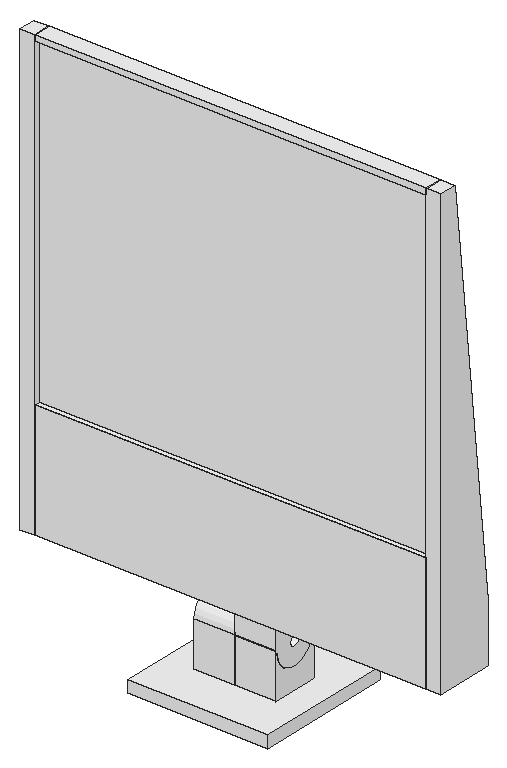
Revit family "Lighting-Wall-Cooper-Ametrix-Asyx-2-WM-LED", category Lighting Fixtures, host Face, Revit 2014
Parameters
  Mounting Plate Height = 0' - 6"
  Fixture Angle = if([20 Degrees Up], 20, if([20 Degrees Down], -20, if([0 Degrees], 0, 20)))  # 0
  Wattage Comments = ""
  Wattage = 9.2903 W
  built-in parameter 1150110 = 1 (stored number, unit not read)
  Voltage = if([120 Volt], 120 V, 277 V)  # 120 V
  URL = "www.eaton.com/lighting"
  Type Comments = "Wall Mount"  # constant formula
  built-in parameter 1114217 = 1 (stored number, unit not read)
  Tilt Angle = 90.00°
  built-in parameter 1150109 = 1 (stored number, unit not read)
  built-in parameter 1150134 = 3
  built-in parameter 1150113 = 1 (stored number, unit not read)
  Product Page URL = "http://www.cooperindustries.com/content/public/en/lighting/products/indoor_ceiling_wall_mount_lighting/wall_mount/_868326.ssd.html"
  Power Factor = 0.9  # constant formula
  Power (Wattage) = 70 W  # constant formula
  Photometric Web File = "ASYX-S-L-F-X-X-L27-1-STD-UNV.ies"
  Number of LightBARs = "3"  # constant formula
  Mounting Plate Width = 0' - 6"
  Mounting = "Wall"  # constant formula
  Model = "WM"  # constant formula
  Manufacturer = "Cooper Lighting"  # constant formula
  built-in parameter 1150105 = 109.82 (stored number, unit not read)
  Lumens = 1380 lm
  built-in parameter 1150115 = 1 (stored number, unit not read)
  Load Classification = Lighting
  built-in parameter 1150137 = (empty or 0)
  built-in parameter 1150139 = (empty or 0)
  built-in parameter 1150112 = 1 (stored number, unit not read)
  built-in parameter 1150114 = 1 (stored number, unit not read)
  Lamp = "LED"  # constant formula
  built-in parameter 1150132 = (empty or 0)
  built-in parameter 1150102 = (empty or 0)
  built-in parameter 1150107 = 3200 (stored number, unit not read)
  built-in parameter 1150138 = (empty or 0)
  built-in parameter 1150106 = 1.0982 (stored number, unit not read)
  Housing Width = 1' - 6"
  Housing Height = 1' - 7 11/64"
  Housing Depth = 0' - 2 1/2"
  Frequency = 50 Hz
  Fins Width = Housing Width - 0' 1 1/4"  # 1' - 4 3/4"
  Fins Array = 27
  Finish = Finish - Cooper Industries - White
  built-in parameter 1150104 = 13.8 (stored number, unit not read)
  Dimming Lamp Color Temperature Shift = <None>
  Description = "Asymmetric LED Direct & Indirect"  # constant formula
  Default Elevation = 0' - 0"  # constant formula
  Connector Description = "Power In"  # constant formula
  Color Filter = 16777215
  built-in parameter 1114218 = 1 (stored number, unit not read)
  built-in parameter 1150133 = 10 (stored number, unit not read)
  Assembly Code = "D5020200"
  Apparent Load = 0 VA
  20 Degrees Up = no
  20 Degrees Down = no
  120 Volt = yes
  0 Degrees = yes
Reference planes (in)
  plane 1 "Center (Front/Back)": y = 0
  plane 2: z = 0
  plane 3 "Center (Left/Right)": x = 0
  plane 4: x = -7.0625
  plane 5: x = 7.0625
  plane 6: x = 6.9375
  plane 7: x = -6.9375
  plane 8: x = 6.1875
  plane 9: x = -6.1875
  plane 10: x = 3
  plane 11: z = 16.15
  plane 12: z = 3.4
  plane 13: y = 3
  plane 14: y = -3
  plane 15: x = -3
  plane 16: y = -1
  plane 17: y = 1
  plane 18: x = -1
  plane 19: x = 1
  plane 20: z = 36
  plane 21: z = 52.62294
  plane 22: y = -4.1
  plane 23: z = 0.5
Forms (in)
  Extrusion 1, solid, material "Finish - Cooper Industries - White" <- "Finish"
    sketch origin (0, 0, 0) x (1, 0, 0) y (0, 1, 0)
      loop
        line (-3, 3) -> (-3, -3) -> (3, -3) -> (3, 3) -> (-3, 3)
    from 0 to 0.5
  Extrusion 2, solid, material "Finish - Cooper Industries - White" <- "Finish"
    sketch origin (0, 0, 0) x (0, 1, 0) y (0, 0, -1)
      loop
        arc (-1, -2.4) -> (0, -1.4) -> (1, -2.4) r 1
        line (1, -2.4) -> (1, 0) -> (-1, 0) -> (-1, -2.4)
    from -1.75 to 0
  Extrusion 3, solid, material "Finish - Cooper Industries - White" <- "Finish"
    sketch origin (0, 0, 0) x (0, 1, 0) y (0, 0, -1)
      loop
        line (1, 0) -> (-1, 0) -> (-1, -2.4)
        arc (-1, -2.4) -> (0, -3.4) -> (1, -2.4) r 1
        line (1, -2.4) -> (1, 0)
      loop
        circle (0, -2.4) r 0.25
    from 0 to 1.75
Lines and regions (in)
  symbolic lines
    curve 1: line (0, -1, 2.4) -> (0, -1, 0.5)
    curve 2: line (0, 1, 2.4) -> (0, 1, 0.5)
    curve 3: line (-1.75, 0, 3.4) -> (-1.75, 0, 0.5)
    curve 4: line (1.75, 0, 3.4) -> (1.75, 0, 0.5)
    curve 5: line (0, 0, 3.4) -> (0, 0, 0.5)
    curve 6: line (3, 0, 0.5) -> (-3, 0, 0.5)
    curve 7: line (3, 0, 0) -> (3, 0, 0.5)
    curve 8: line (-3, 0, 0.5) -> (-3, 0, 0)
    curve 9: line (0, 3, 0.5) -> (0, -3, 0.5)
    curve 10: line (0, -3, 0.5) -> (0, -3, 0)
    curve 11: line (0, 3, 0) -> (0, 3, 0.5)
    curve 12: line (-3, 3, 0) -> (3, 3, 0)
    curve 13: line (-3, -3, 0) -> (-3, 3, 0)
    curve 14: line (3, -3, 0) -> (-3, -3, 0)
    curve 15: line (3, 3, 0) -> (3, -3, 0)
Dimensions and locks (in)
  plane 5 to plane 4 = 1' - 2 1/8"
  plane 12 to host face = 0' - 3.4"
  plane 11 to plane 12 = 1' - 0 3/4"
  locked: plane 16 to plane 17 at 2
  locked: plane 18 to plane 19 at 2
  "Mounting Plate Height": plane 14 to plane 13
  "Mounting Plate Width": plane 15 to plane 10
  equal spacing: plane 14, plane 1 "Center (Front/Back)", plane 13
  equal spacing: plane 15, plane 3 "Center (Left/Right)", plane 10
  equal spacing: plane 5, plane 3 "Center (Left/Right)", plane 4
  plane 20 to plane 2 = 3' - 0"
  locked: plane 14 to plane 22 at 1.1
  locked: plane 23 to plane 2 at 0.5
  aligned and locked: plane 2 to host face
  aligned and locked: level to host face
  aligned and locked: Extrusion 1 sketch curve to plane 13
  aligned and locked: Extrusion 1 sketch curve to plane 15
  aligned and locked: Extrusion 1 sketch curve to plane 14
  aligned and locked: Extrusion 1 sketch curve to plane 10
  aligned and locked: curve 2 to Extrusion 3
  aligned and locked: curve 1 to Extrusion 3
  aligned and locked: Extrusion 3 to curve 3
  aligned and locked: nested 4 to curve 4
  aligned and locked: curve 5 to plane 3 "Center (Left/Right)"
  aligned and locked: plane 12 to curve 4
  aligned and locked: plane 12 to curve 3
  aligned and locked: plane 12 to curve 5
  aligned and locked: curve 6 to Extrusion 1
  aligned and locked: curve 7 to Extrusion 1
  aligned and locked: curve 8 to Extrusion 1
  aligned and locked: curve 10 to Extrusion 1
  aligned and locked: curve 11 to Extrusion 1
  aligned and locked: curve 12 to plane 13
  aligned and locked: curve 13 to plane 15
  aligned and locked: curve 14 to plane 14
  aligned and locked: curve 15 to plane 10
  aligned and locked: imposter light to Extrusion 1
  aligned and locked: plane 23 to imposter light
Automatic sketch dimensions
  host sketch curve to host sketch curve = 8' - 0"  (x2)
  Extrusion 2 sketch curve to plane 16 = 0' - 0"  (x2)
  Extrusion 2 sketch curve to plane 1 "Center (Front/Back)" = 0' - 0"
  Extrusion 2 sketch curve to plane 17 = 0' - 0"
  Extrusion 2 sketch curve to level = 0' - 0"
  Extrusion 2 sketch curve to plane 12 = 0' - 1"  (x2)
  Extrusion 2 sketch curve to Extrusion 2 sketch curve = 0' - 0"
  Extrusion 3 sketch curve to Extrusion 3 sketch curve = 0' - 0"  (x2)
  Extrusion 3 sketch curve to level = 0' - 0"
  Extrusion 3 sketch curve to plane 16 = 0' - 0"
  Extrusion 3 sketch curve to plane 1 "Center (Front/Back)" = 0' - 0"
  Extrusion 3 sketch curve to plane 12 = 0' - 1"
  curve 11 to level = 0' - 0"
  curve 10 to level = 0' - 0"
  curve 1 to plane 12 = 0' - 1"
  curve 2 to plane 12 = 0' - 1"
  curve 8 to level = 0' - 0"
  curve 7 to level = 0' - 0"
  level to curve 9 = 0' - 0 1/2"
  radius of Extrusion 3 sketch curve = 0' - 0 1/4"
Nested families (in)
  nested 1: "Asyx-2-HousingWM" at (-1.75, -33.66573, 9.12186) x (-1, 0, 0) z (0, 0, 1), Housing Depth <- "Housing Depth", Housing Width <- "Housing Width", Housing Height <- "Housing Height", Fins Array <- "Fins Array", Number of LightBARs <- "Number of LightBARs", 120 Volt <- "120 Volt", visible <- "20 Degrees Up", type "Asyx-2-HousingWM", not visible
    with Voltage 120 V, Number of LightBARs "3", Housing Width 1' - 6", Housing Height 1' - 7 11/64", Housing Depth 0' - 2 1/2", Fins Width 1' - 4 3/4", Fins Array 27, 277 Volt no, 120 Volt yes
  nested 2: "Asyx-2-HousingWM" at (0, -1, 2.4) x (-1, 0, 0) z (0, 0, 1), Housing Depth <- "Housing Depth", Housing Width <- "Housing Width", Housing Height <- "Housing Height", Fins Array <- "Fins Array", Number of LightBARs <- "Number of LightBARs", 120 Volt <- "120 Volt", visible <- "0 Degrees", type "Asyx-2-HousingWM"
    with Voltage 120 V, Number of LightBARs "3", Housing Width 1' - 6", Housing Height 1' - 7 11/64", Housing Depth 0' - 2 1/2", Fins Width 1' - 4 3/4", Fins Array 27, 277 Volt no, 120 Volt yes
  nested 3: "Asyx-2-HousingWM" at (0, -0.93969, 2.05798) x (-1, 0, 0) z (0, -0.342, 0.9397), Housing Depth <- "Housing Depth", Housing Width <- "Housing Width", Housing Height <- "Housing Height", Fins Array <- "Fins Array", Number of LightBARs <- "Number of LightBARs", 120 Volt <- "120 Volt", visible <- "20 Degrees Up", type "Asyx-2-HousingWM"
    with Voltage 120 V, Number of LightBARs "3", Housing Width 1' - 6", Housing Height 1' - 7 11/64", Housing Depth 0' - 2 1/2", Fins Width 1' - 4 3/4", Fins Array 27, 277 Volt no, 120 Volt yes
  nested 4: "Asyx-2-HousingWM" at (0, -0.93969, 2.74202) x (-1, 0, 0) z (0, 0.342, 0.9397), Housing Depth <- "Housing Depth", Housing Width <- "Housing Width", Housing Height <- "Housing Height", Fins Array <- "Fins Array", Number of LightBARs <- "Number of LightBARs", 120 Volt <- "120 Volt", visible <- "20 Degrees Down", type "Asyx-2-HousingWM"
    with Voltage 120 V, Number of LightBARs "3", Housing Width 1' - 6", Housing Height 1' - 7 11/64", Housing Depth 0' - 2 1/2", Fins Width 1' - 4 3/4", Fins Array 27, 277 Volt no, 120 Volt yes
  nested 5: "Asyx-2-HousingWM" at (-1.75, -33.66573, 9.12186) x (-1, 0, 0) z (0, 0, 1), Housing Depth <- "Housing Depth", Housing Width <- "Housing Width", Housing Height <- "Housing Height", Fins Array <- "Fins Array", Number of LightBARs <- "Number of LightBARs", 120 Volt <- "120 Volt", visible <- "0 Degrees", type "Asyx-2-HousingWM", not visible
    with Voltage 120 V, Number of LightBARs "3", Housing Width 1' - 6", Housing Height 1' - 7 11/64", Housing Depth 0' - 2 1/2", Fins Width 1' - 4 3/4", Fins Array 27, 277 Volt no, 120 Volt yes
  nested 6: "Asyx-2-HousingWM" at (-1.75, -33.66573, 9.12186) x (-1, 0, 0) z (0, 0, 1), Housing Depth <- "Housing Depth", Housing Width <- "Housing Width", Housing Height <- "Housing Height", Fins Array <- "Fins Array", Number of LightBARs <- "Number of LightBARs", 120 Volt <- "120 Volt", visible <- "20 Degrees Down", type "Asyx-2-HousingWM", not visible
    with Voltage 120 V, Number of LightBARs "3", Housing Width 1' - 6", Housing Height 1' - 7 11/64", Housing Depth 0' - 2 1/2", Fins Width 1' - 4 3/4", Fins Array 27, 277 Volt no, 120 Volt yes
Connectors (in)
  electrical at (0, 0, 0), driven by "Load Classification", driven by "Voltage", driven by "Apparent Load", driven by "Power Factor", driven by "Connector Description"
    settings: on Extrusion 1, index 1, voltage 120 V, apparent load 0 VA, apparent load phase1 0 VA, apparent load phase2 0 VA, apparent load phase3 0 VA, power factor 0.9, load classification "Lighting", number of poles 1, system type 30, power factor state 1, is connector primary yes, connector utility no, sub classification motor no, connector description "Power In"
Definition of nested family "Asyx-2-HousingWM"
  Parameters (values of type "Asyx-2-HousingWM")
    Wattage = 9.2903 W
    built-in parameter 1150110 = 1 (stored number, unit not read)
    Voltage [instance] = if([120 Volt], 120 V, 277 V)  # 120 V
    URL = ""
    Type Comments = ""
    built-in parameter 1114217 = 1 (stored number, unit not read)
    Tilt Angle = 90.00°
    built-in parameter 1150109 = 1 (stored number, unit not read)
    built-in parameter 1150134 = 3
    built-in parameter 1150113 = 1 (stored number, unit not read)
    Photometric Web File = "ASYX-S-L-F-X-X-L27-1-STD-UNV.ies"
    built-in parameter 1150105 = -74321.6 (stored number, unit not read)
    Lumens = 1380 lm
    built-in parameter 1150115 = 1 (stored number, unit not read)
    built-in parameter 1150137 = (empty or 0)
    built-in parameter 1150139 = (empty or 0)
    built-in parameter 1150112 = 1 (stored number, unit not read)
    built-in parameter 1150114 = 1 (stored number, unit not read)
    built-in parameter 1150132 = (empty or 0)
    built-in parameter 1150102 = (empty or 0)
    built-in parameter 1150107 = 3200 (stored number, unit not read)
    built-in parameter 1150138 = (empty or 0)
    built-in parameter 1150106 = -743.22 (stored number, unit not read)
    Product Page URL = ""
    Power Factor = 0.9  # constant formula
    Power (Wattage) = 70 W
    Number of LightBARs [instance] = "3"
    Model = "WM"
    Manufacturer = "Cooper Lighting"
    Lamp = "LED"  # constant formula
    Housing Width [instance] = 1' - 2 11/64"
    Housing Height [instance] = 1' - 0 3/4"
    Housing Depth [instance] = 0' - 2 1/2"
    Fins Width [instance] = Housing Width - 0' 1 1/4"  # 1' - 0 59/64"
    Fins Array [instance] = 16
    Finish = Finish - Cooper Industries - White
    Emit from Rectangle Width = 1' - 0 59/64"
    Emit from Rectangle Length = 0' - 7 1/2"
    Emit Shape Visible in Rendering = no
    built-in parameter 1150104 = 13.8 (stored number, unit not read)
    Dimming Lamp Color Temperature Shift = (empty or 0)
    Description = "Asymmetric LED Direct & Indirect"
    Default Elevation = 0' - 0"  # constant formula
    Connector Description = "Power In"  # constant formula
    Color Filter = 16777215
    built-in parameter 1114218 = 1 (stored number, unit not read)
    built-in parameter 1150133 = 10 (stored number, unit not read)
    Assembly Code = "D5020200"
    Apparent Load = 0 VA
    277 Volt [instance] = not([120 Volt])  # no
    120 Volt [instance] = yes
  Reference planes (in)
    plane 1 "Center (Front/Back)": y = 0
    plane 2: z = 0
    plane 3 "Center (Left/Right)": x = 0
    plane 4: x = -1.75
    plane 5: x = 1.75
    plane 6: x = -1.75
    plane 7: x = 7.08594
    plane 8: x = -7.08594
    plane 9: x = -6.46094
    plane 10: x = 6.46094
    plane 11: x = 0
    plane 12: x = 0
    plane 13: x = 0
    plane 14: x = 0
    plane 15: x = 0
    plane 16: x = 0
    plane 17: x = 0
    plane 18: x = 0
    plane 19: x = 0
    plane 20: x = 0
    plane 21: x = 0
    plane 22: x = 0
    plane 23: x = 0
    plane 24: x = 0
    plane 25: x = 0
    plane 26: x = 0
    plane 27: z = 13.75
    plane 28: z = 1
    plane 29: y = 0.25
    plane 30: y = -2.25
    plane 31: y = -2
    plane 32: z = 13.5
    plane 33: z = 13.25
    plane 34: z = 6
    plane 35: through (0, -2.25, 3.5) normal (0, 0.7071, -0.7071)
    plane 36: z = 3.5
    plane 37: y = -2
    plane 38: z = 1
    plane 39: y = 0
  Forms (in)
    Extrusion 1, solid
      sketch origin (0, 0, 0) x (1, 0, 0) y (0, 1, 0)
        loop
          line (-48, 48) -> (-48, -48) -> (48, -48) -> (48, 48) -> (-48, 48)
      from 0 to -12
    Extrusion 2, solid, material "Finish - Cooper Industries - White" <- "Finish"
      sketch origin (0, -1, 0.375) x (0, -1, 0) y (0, 0, 1)
        loop
          line (-1.25, 0.625) -> (1.25, 0.625) -> (1.25, 3.125) -> (0.74941, 3.62559) -> (-0.82976, 12.875) -> (-0.41463, 12.875) -> (-0.5, 13.375) -> (-1.25, 13.375) -> (-1.25, 13.125) -> (-1, 13.125) -> (-1, 5.625) -> (-1.25, 5.625) -> (-1.25, 0.625)
      from -6.46094 to 6.46094
    Extrusion 3, solid, material "Finish - Cooper Industries - White" <- "Finish"
      sketch origin (0, -1, 0.375) x (0, -1, 0) y (0, 0, -1)
        loop
          line (-1.25, -0.625) -> (-1.25, -13.375) -> (-0.5, -13.375) -> (1.25, -3.125) -> (1.25, -0.625) -> (-1.25, -0.625)
      from -7.08594 to -6.46094
    Extrusion 4, solid, material "Finish - Cooper Industries - White" <- "Finish"
      sketch origin (0, -1, -2.4) x (0, 1, 0) y (0, 0, 1)
        loop
          line (1, 3.4) -> (-1, 3.4) -> (-1, 2.4)
          arc (-1, 2.4) -> (0, 1.4) -> (1, 2.4) r 1
          line (1, 2.4) -> (1, 3.4)
        loop
          circle (0, 2.4) r 0.25
      from -1.75 to 0
    Extrusion 5, solid, material "Finish - Cooper Industries - White" <- "Finish"
      sketch origin (0, -1, 0.375) x (0, -1, 0) y (0, 0, 1)
        loop
          line (-1.25, 0.625) -> (1.25, 0.625) -> (1.25, 3.125) -> (-0.5, 13.375) -> (-1.25, 13.375) -> (-1.25, 0.625)
      from -7.08594 to -6.46094
    Extrusion 6, solid, material "Glass - Cooper Industries - Light Bulb On"
      sketch origin (0, 0, 0) x (1, 0, 0) y (0, 0, 1)
        loop
          line (6.46094, 13.5) -> (-6.46094, 13.5) -> (-6.46094, 6) -> (6.46094, 6) -> (6.46094, 13.5)
      from -0.25 to 0
  Lines and regions (in)
    symbolic lines
      curve 1: line (0, -2.25, 3.5) -> (0, -0.5, 13.75)
      curve 2: line (0, -0.5, 13.75) -> (0, 0.25, 13.75)
      curve 3: line (0, 0.25, 13.75) -> (0, 0.25, 1)
      curve 4: line (0, 0.25, 1) -> (0, -2.25, 1)
      curve 5: line (0, -2.25, 1) -> (0, -2.25, 3.5)
      curve 6: line (0, 0, 0) -> (0, 0, 1)
      curve 7: arc (0, -2, 0) -> (0, -1, -1) -> (0, 0, 0) r 1
      curve 8: line (0, -2, 1) -> (0, -2, 0)
      curve 9: line (-7.08594, 0, 13.75) -> (7.08594, 0, 13.75)
      curve 10: line (-7.08594, 0, 1) -> (-7.08594, 0, 13.75)
      curve 11: line (7.08594, 0, 1) -> (-7.08594, 0, 1)
      curve 12: line (7.08594, 0, 13.75) -> (7.08594, 0, 1)
      curve 16: line (-7.08594, 0.25, 0) -> (7.08594, 0.25, 0)
      curve 17: line (-7.08594, -2.25, 0) -> (-7.08594, 0.25, 0)
      curve 18: line (7.08594, -2.25, 0) -> (-7.08594, -2.25, 0)
      curve 19: line (7.08594, 0.25, 0) -> (7.08594, -2.25, 0)
    symbolic lines, detail levels medium+fine
      curve 13: line (-6.46094, 0, 1) -> (-6.46094, 0, 13.75)
      curve 14: line (6.46094, 0, 13.75) -> (6.46094, 0, 1)
    symbolic lines, detail levels fine
      curve 15: line (7.08594, 0, 3.5) -> (-7.08594, 0, 3.5)
    reference lines
      curve 20: line (0, -0.75, 0) -> (0, -4.75, 0)
  Dimensions and locks (in)
    locked: plane 6 to plane 5 at 3.5
    locked: plane 8 to plane 9 at 0.625
    locked: plane 10 to plane 7 at 0.625
    equal spacing: plane 8, plane 3 "Center (Left/Right)", plane 7
    "Housing Width": plane 8 to plane 7
    "Housing Depth": plane 29 to plane 30
    locked: plane 34 to plane 28 at 5
    locked: plane 32 to plane 27 at 0.25
    locked: plane 27 to plane 33 at 0.5
    Extrusion 2 sketch curve to plane 36 to plane 28 = 0' - 0.50059", 0' - 2 1/2"
    "Housing Height": plane 27 to plane 28
    plane 30 to Extrusion 2 sketch curve to Extrusion 2 sketch curve = 0' - 0" locked, 0' - 0.50059" locked
    equal spacing: group 2, group 4, group 5, group 6, group 7, group 8, group 9, group 10, group 11, group 12, group 13, group 14, group 15, group 16, group 17, group 3  (x3)
    plane 28 to plane 2 = 0' - 1"
    aligned and locked: plane 2 to Extrusion 1
    aligned and locked: level to Extrusion 1
    aligned and locked: plane 3 "Center (Left/Right)" to plane 11
    aligned and locked: Extrusion 3 to Extrusion 2  (x2)
    aligned and locked: plane 32 to Extrusion 2 sketch curve
    aligned and locked: plane 33 to Extrusion 2 sketch curve
    aligned and locked: plane 34 to Extrusion 2 sketch curve
    aligned and locked: plane 36 to Extrusion 2 sketch curve
    aligned and locked: Extrusion 2 to Extrusion 3
    aligned and locked: plane 27 to Extrusion 3
    aligned and locked: plane 27 to Extrusion 5
    aligned and locked: Extrusion 5 to plane 28
    aligned and locked: plane 28 to Extrusion 4
    aligned and locked: Extrusion 2 to plane 28
    aligned and locked: Extrusion 2 sketch curve to plane 29  (x2)
    aligned and locked: plane 30 to Extrusion 2 sketch curve
    aligned and locked: Extrusion 5 sketch curve to plane 29
    aligned and locked: plane 30 to Extrusion 5 sketch curve
    aligned and locked: plane 29 to Extrusion 3 sketch curve
    aligned and locked: Extrusion 3 sketch curve to plane 30
    aligned and locked: Extrusion 3 to plane 8
    aligned and locked: plane 9 to Extrusion 3
    aligned and locked: Extrusion 2 to plane 9
    aligned and locked: plane 10 to Extrusion 5
    aligned and locked: Extrusion 2 to plane 10
    aligned and locked: plane 7 to Extrusion 5
    aligned and locked: Extrusion 2 sketch curve to Extrusion 3
    aligned and locked: Extrusion 2 to nested 2
    aligned and locked: plane 37 to Extrusion 4 sketch curve
    aligned and locked: plane 38 to Extrusion 4 sketch curve
    aligned and locked: plane 39 to Extrusion 4 sketch curve
    aligned and locked: Extrusion 2 to nested 3
    aligned and locked: Extrusion 6 sketch curve to Extrusion 2  (x2)
    aligned and locked: Extrusion 2 to Extrusion 6 sketch curve  (x2)
    aligned and locked: plane 29 to Extrusion 6
    aligned and locked: plane 1 "Center (Front/Back)" to Extrusion 6
    aligned and locked: curve 1 to Extrusion 3
    aligned and locked: curve 2 to Extrusion 3
    aligned and locked: curve 3 to Extrusion 3
    aligned and locked: curve 4 to Extrusion 3
    aligned and locked: curve 5 to Extrusion 3
    aligned and locked: curve 7 to Extrusion 4
    aligned and locked: curve 8 to Extrusion 4
    aligned and locked: curve 9 to Extrusion 3
    aligned and locked: curve 10 to Extrusion 3
    aligned and locked: curve 11 to Extrusion 5
    aligned and locked: curve 12 to Extrusion 5
    aligned and locked: curve 13 to Extrusion 3
    aligned and locked: curve 14 to Extrusion 5
    aligned and locked: curve 15 to Extrusion 2
    aligned and locked: plane 8 to curve 15
    aligned and locked: plane 7 to curve 15
    aligned and locked: curve 16 to Extrusion 3
    aligned and locked: curve 17 to Extrusion 3
    aligned and locked: curve 18 to Extrusion 5
    aligned and locked: curve 19 to Extrusion 5
    aligned and locked: curve 20 to Extrusion 4 sketch curve
  Automatic sketch dimensions
    Extrusion 1 sketch curve to Extrusion 1 sketch curve = 8' - 0"  (x2)
    Extrusion 4 sketch curve to Extrusion 4 sketch curve = 0' - 0"  (x2)
    Extrusion 4 sketch curve to Extrusion 4 sketch curve = 0' - 0 1/4"
    Extrusion 2 sketch curve to plane 1 "Center (Front/Back)" = 0' - 0"
    Extrusion 2 sketch curve to plane 27 = 0' - 0"
    Extrusion 2 sketch curve to plane 28 = 0' - 0"
    plane 1 "Center (Front/Back)" to Extrusion 2 sketch curve = 0' - 0.17024"
    Extrusion 3 sketch curve to plane 27 = 0' - 0"
    Extrusion 3 sketch curve to plane 28 = 0' - 0"
    plane 1 "Center (Front/Back)" to Extrusion 3 sketch curve = 0' - 0 1/2"
    plane 28 to Extrusion 3 sketch curve = 0' - 2 1/2"
    Extrusion 5 sketch curve to plane 27 = 0' - 0"
    Extrusion 5 sketch curve to plane 28 = 0' - 0"
    plane 1 "Center (Front/Back)" to Extrusion 5 sketch curve = 0' - 0 1/2"
    Extrusion 5 sketch curve to Extrusion 5 sketch curve = 0' - 2 1/2"
    curve 20 to level = 0' - 0"
    plane 30 to curve 20 = 0' - 2 1/2"
    plane 1 "Center (Front/Back)" to curve 20 = 0' - 0 3/4"
  Nested families (in)
    nested 1: "Asyx-Fin" at (0, -1.74941, -0.821), Fins Width <- "Fins Width", Finish <- "Finish", type "Asyx-Fin", not visible
      with Fins Width 1' - 0 59/64", Finish Finish - Cooper Industries - White
    nested 2: "Asyx-Fin" at (0, -1.73422, -3.30839), Fins Width <- "Fins Width", Finish <- "Finish", type "Asyx-Fin"
      with Fins Width 1' - 0 59/64", Finish Finish - Cooper Industries - White
    nested 3: "Asyx-Fin" at (0, -0.29303, 5.13289), Fins Width <- "Fins Width", Finish <- "Finish", type "Asyx-Fin"
      with Fins Width 1' - 0 59/64", Finish Finish - Cooper Industries - White
    nested 4: "Asyx-Fin" at (0, -1.63814, -2.74564), Fins Width <- "Fins Width", Finish <- "Finish", type "Asyx-Fin"
      with Fins Width 1' - 0 59/64", Finish Finish - Cooper Industries - White
    nested 5: "Asyx-Fin" at (0, -1.54206, -2.18289), Fins Width <- "Fins Width", Finish <- "Finish", type "Asyx-Fin"
      with Fins Width 1' - 0 59/64", Finish Finish - Cooper Industries - White
    nested 6: "Asyx-Fin" at (0, -1.44598, -1.62014), Fins Width <- "Fins Width", Finish <- "Finish", type "Asyx-Fin"
      with Fins Width 1' - 0 59/64", Finish Finish - Cooper Industries - White
    nested 7: "Asyx-Fin" at (0, -1.3499, -1.05739), Fins Width <- "Fins Width", Finish <- "Finish", type "Asyx-Fin"
      with Fins Width 1' - 0 59/64", Finish Finish - Cooper Industries - White
    nested 8: "Asyx-Fin" at (0, -1.25382, -0.49463), Fins Width <- "Fins Width", Finish <- "Finish", type "Asyx-Fin"
      with Fins Width 1' - 0 59/64", Finish Finish - Cooper Industries - White
    nested 9: "Asyx-Fin" at (0, -1.15775, 0.06812), Fins Width <- "Fins Width", Finish <- "Finish", type "Asyx-Fin"
      with Fins Width 1' - 0 59/64", Finish Finish - Cooper Industries - White
    nested 10: "Asyx-Fin" at (0, -1.06167, 0.63087), Fins Width <- "Fins Width", Finish <- "Finish", type "Asyx-Fin"
      with Fins Width 1' - 0 59/64", Finish Finish - Cooper Industries - White
    nested 11: "Asyx-Fin" at (0, -0.96559, 1.19362), Fins Width <- "Fins Width", Finish <- "Finish", type "Asyx-Fin"
      with Fins Width 1' - 0 59/64", Finish Finish - Cooper Industries - White
    nested 12: "Asyx-Fin" at (0, -0.86951, 1.75638), Fins Width <- "Fins Width", Finish <- "Finish", type "Asyx-Fin"
      with Fins Width 1' - 0 59/64", Finish Finish - Cooper Industries - White
    nested 13: "Asyx-Fin" at (0, -0.77343, 2.31913), Fins Width <- "Fins Width", Finish <- "Finish", type "Asyx-Fin"
      with Fins Width 1' - 0 59/64", Finish Finish - Cooper Industries - White
    nested 14: "Asyx-Fin" at (0, -0.67735, 2.88188), Fins Width <- "Fins Width", Finish <- "Finish", type "Asyx-Fin"
      with Fins Width 1' - 0 59/64", Finish Finish - Cooper Industries - White
    nested 15: "Asyx-Fin" at (0, -0.58127, 3.44463), Fins Width <- "Fins Width", Finish <- "Finish", type "Asyx-Fin"
      with Fins Width 1' - 0 59/64", Finish Finish - Cooper Industries - White
    nested 16: "Asyx-Fin" at (0, -0.48519, 4.00738), Fins Width <- "Fins Width", Finish <- "Finish", type "Asyx-Fin"
      with Fins Width 1' - 0 59/64", Finish Finish - Cooper Industries - White
    nested 17: "Asyx-Fin" at (0, -0.38911, 4.57014), Fins Width <- "Fins Width", Finish <- "Finish", type "Asyx-Fin"
      with Fins Width 1' - 0 59/64", Finish Finish - Cooper Industries - White
  Definition of nested family "Asyx-Fin"
    Parameters (values of type "Asyx-Fin")
      Fins Width [instance] = 1' - 0 59/64"
      Finish [instance] = none
    Reference planes (in)
      plane 1 "Center (Front/Back)": y = 0
      plane 2: z = 0
      plane 3 "Center (Left/Right)": x = 0
      plane 4: x = -6.46094
      plane 5: x = 6.46094
      plane 6: through (0, 0.71032, 5.69209) normal (0, 0.8493, 0.5279)
      plane 7: through (0, -0.37986, 7.60451) normal (0, 0.652, -0.7582)
      plane 8: through (0, 0.10671, 8.02292) normal (0, -0.9857, 0.1683)
      plane 9: through (0, 0, 7.39792) normal (0, 0.4778, 0.8785)
    Forms (in)
      Extrusion 1, solid, material <- "Finish", not visible
        sketch origin (0, -3.28648, 10.20133) x (0, -0.748349, -0.663305) y (0, 0.663305, -0.748349)
          loop
            line (-0.48656, 5.60718) -> (-0.10671, 5.40059) -> (0, 6.02559) -> (-0.48656, 5.60718)
        from -6.46094 to 6.46094
      Extrusion 2, solid, material <- "Finish"
        sketch origin (0, 0, 0) x (0, 1, 0) y (0, 0, 1)
          loop
            line (-0.37986, 7.60451) -> (0, 7.39792) -> (0.10671, 8.02292) -> (-0.37986, 7.60451)
        from -6.46094 to 6.46094
    Lines and regions (in)
      reference lines, not visible
        curve 1: line (0, 0.37561, 6.23058) -> (0, 1.06153, 5.12704)
    Dimensions and locks (in)
      "Fins Width": plane 4 to plane 5
      equal spacing: plane 4, plane 3 "Center (Left/Right)", plane 5
      aligned and locked: plane 2 to level
      aligned and locked: plane 6 to Extrusion 1 sketch curve
      aligned and locked: Extrusion 1 to curve 1
      aligned and locked: plane 4 to Extrusion 2
      aligned and locked: Extrusion 2 to plane 5
      aligned and locked: plane 7 to Extrusion 2
      aligned and locked: plane 8 to Extrusion 2
      aligned and locked: plane 9 to Extrusion 2
    Automatic sketch dimensions
      Extrusion 1 sketch curve to Extrusion 1 sketch curve = 0' - 0.20659"
      plane 6 to Extrusion 1 sketch curve = 0' - 0.4092"
      Extrusion 1 sketch curve to Extrusion 1 sketch curve = 0' - 0.10671"
      curve 1 to curve 1 = 0' - 0.21868"
      curve 1 to curve 1 = 0' - 1.28081"
      Extrusion 2 sketch curve to plane 1 "Center (Front/Back)" = 0' - 0"
      plane 1 "Center (Front/Back)" to Extrusion 2 sketch curve = 0' - 0.37986"
      Extrusion 2 sketch curve to plane 1 "Center (Front/Back)" = 0' - 0.10671"
      level to Extrusion 2 sketch curve = 0' - 7.39792"
      Extrusion 2 sketch curve to Extrusion 2 sketch curve = 0' - 0.20659"
      Extrusion 2 sketch curve to Extrusion 2 sketch curve = 0' - 0 5/8"
